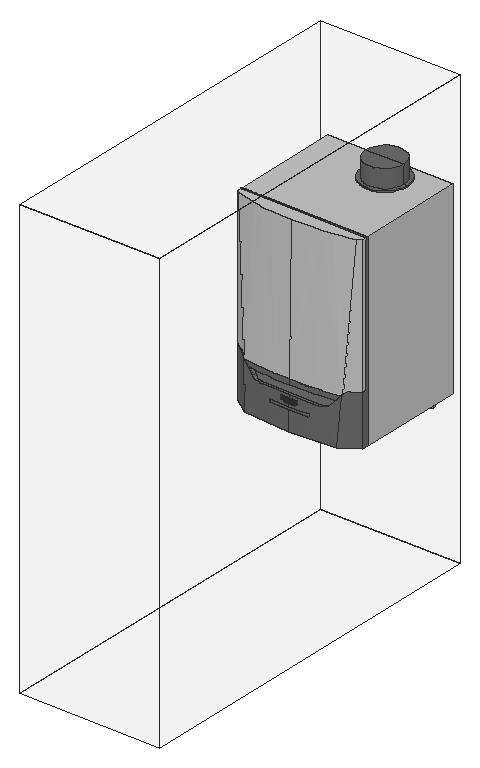
Revit family "Remeha_QuintaAce55_LOD5", category Mechanical Equipment, Revit 2016
Family settings
  Part Type = Normal
  Round Connector Dimension = Use Diameter
  OmniClass Number = 23.75.10.11.14
  OmniClass Title = Hot Water Heat Generators
  Work Plane-Based = No
  Always vertical = Yes
  Cut with Voids When Loaded = Yes
  Shared = No
  Room Calculation Point = No
Parameters (values of type "100/150 Concentric Flue Connection - 150 Connector")
  Weekly = ""
  Water Treatment Required = yes
  Water Content = 6.4 L
  Warranty ID = ""
  Voltage = 230 V
  URL = ""
  Type = "Space heating"
  Turndown Ratio = "5.01:1"
  Text Material = Paint - Black
  Supply Phase = 1
  Starting Current = 0 A
  Sound Pressure Level = "46.7"
  Shipping Weight = 66.50 kg
  Shape = "Rectangular (Vertical)"
  Safety Valve Connection Type = "Unset"
  Safety Valve Connection Size = 0.00 mm
  Responsible Sourcing of Materials = ""
  Responsible Extraction of Materials = ""
  Reference Standard = "GAR 2016/426, BED 92/42/EEC, ErP 2009/125/EC"
  Rated Output = 55300 W
  Rated Criteria = "80/60"
  Quarterly = ""
  Product Range = "Quinta Ace 55"
  Product Model Number = ""
  Product Literature = "https://www.remeha.co.uk/products/wall-hung-range/quinta-ace-30-115"
  Primary Fuel = "Gas - NG"
  Overall Width = 500.00 mm
  Overall Length = 500.00 mm
  Overall Height = 750.00 mm
  Optional Fuel = "LPG"
  Operation and Maintenance Manual = "https://www.remeha.co.uk/products/wall-hung-range/quinta-ace-30-115"
  Oil Consumption rate = 0
  Nominal Oil Inlet Pressure = 0.00000 bar
  Nominal Gas Inlet Pressure = 0.02000 bar
  NOx Emissions = "36"
  Mounting = "Wall Mounted"
  Monthly = ""
  Model = ""
  Minimum Power Consumption = 38 W
  Minimum Operating Pressure = 0.80000 bar
  Minimum Oil Inlet Pressure = 0.00000 bar
  Minimum Gas Inlet Pressure = 0.01700 bar
  Minimum Flow Rate at 20C temperature differential = 0.66 L/s
  Minimum Flow Rate at 11C temperature differential = 1.2 L/s
  Maximum Power Consumption = 100 W
  Maximum Operating Pressure = 4.00000 bar
  Maximum Oil Inlet Pressure = 0.00000 bar
  Maximum Gas Inlet Pressure = 0.02500 bar
  Material Ingredient Reporting = ""
  Manufacturer Website = "www.remeha.co.uk"
  Manufacturer = "Remeha Commercial"
  Maintenance Required 8001 to 12000hrs = ""
  Maintenance Required 601 to 1000hrs = ""
  Maintenance Required 4001 to 8000hrs = ""
  Maintenance Required 301 to 600hrs = ""
  Maintenance Required 2001 to 4000hrs = ""
  Maintenance Required 1001 to 2000hrs = ""
  Maintenance Required 0 to 300hrs = ""
  Location of Manufacturer = ""
  Load Classification = none
  Life Cycle Analysis = ""
  Interlocks = yes
  IfcExportType = "NOTDEFINED"  # constant formula
  IfcExportAs = "IfcBoilerType"  # constant formula
  IP Rating = "X4D"
  IK Rating = "Not Required"
  Hydraulic Resistance at 20C temperature differential = 0.13000 bar
  Hydraulic Resistance at 11C temperature differential = 0.43000 bar
  Heater Operation = "Condensing"
  Heat Exchanger Material = "Aluminium"
  Gross Weight = 62.40 kg
  Green Guide for Specification = ""
  Gas Consumption rate = "6.0"
  Fuse Rating = 2.5 A
  Full Load Current = 0 A
  Fuel Connection Type = "Threaded"
  Fuel Connection Size = 20.00 mm
  Frequency = 50 Hz
  Flue or Air Intake Classification = "B23P,B33,C13,C33,C53,C63,C93"
  Flue Radius = Air Inlet Connection Size / 2  # 75.00 mm
  Flue Connector Size = 150 mm
  Flue Connection size = 100.00 mm
  Flow and Return Connection Type = "Threaded"
  Flow and Return Connection Size = 32.00 mm
  Finish = "High Polish Gardner 60 GRAD 91EH"
  Features = "Remeha's Quinta Pro range are compact high efficiency wall hung condensing boilers. Lighter and more efficienct, their small size make them ideally suited to modular arrangments"
  External Material = "Steel"
  Expected Life = "15"
  ErP Seasonal Efficiency = "92"
  ErP Rated Efficiency at Part Load = "0"
  ErP Rated Efficiency at Full Load = "0"
  ErP Energy Label = "A"
  Environmental Product Declaration = ""
  Energy Technology List = "0"
  Embodied Carbon = ""
  Drain Connection Type = "Unset"
  Drain Connection Size = 25.00 mm
  Description = ""
  Daily = ""
  Control Type = "'0 - 10V, Open Therm, Volt free enable, Direct boiler weather compensating control systems available from Remeha as optional extra's."
  Configuration = "Single boiler"
  Condensate Drain Type = "Plain"
  Condensate Drain Size = 32.00 mm
  Colour = "RAL 9016"
  Clearance Box Visibility [instance] = yes
  Classification.Uniclass.Pr.Number [instance] = "Pr_60_60_08_34"
  Classification.Uniclass.Pr.Description [instance] = "Gas fired Condensing Boilers"
  CE Mark = "0063CS3928"
  Burner Control Type = "Modulating"
  Building Regulations Seasonal Efficiency = "96.04"
  Bespoke Timeframe = ""
  BMS Links = yes
  Annually = "As Per Attached URL O&M Manual"
  Air Inlet Connection Size = 150.00 mm
  Additional Technical Details = "https://www.remeha.co.uk/products/wall-hung-range/quinta-ace-30-115"
  Access Clearance Top = 400.00 mm
  Access Clearance Right = 30.00 mm
  Access Clearance Rear = 0.00 mm
  Access Clearance Left = 30.00 mm
  Access Clearance Front = 1000.00 mm
  Access Clearance Bottom = 600.00 mm
  6 Monthly = ""
Types (2, lengths in mm): name | Flue Connector Size
  100/150 Conventional Flue Connection - 100 Connector | 100
  100/150 Concentric Flue Connection - 150 Connector | 150
Reference planes
  plane 1 "Center (Front/Back)": y = 0
  plane 2: z = 0
  plane 3 "Center (Left/Right)": x = 0
  plane 4: y = -50
  plane 5: y = -75
  plane 6: x = -115
  plane 7: x = 59
  plane 8: x = 119.4
  plane 9: x = 200
  plane 10: x = 250
  plane 11: y = -101
  plane 12: x = -250
  plane 13: y = -500
  plane 14: x = -280
  plane 15: x = 280
  plane 16: y = -1500
  plane 17: y = 0
  plane 18: z = 750
  plane 19: z = 1150
  plane 20: z = -600
  plane 21: z = 824.467
Forms (mm)
  Sweep 1, solid, material "101_240_115"
    path origin (453.507, -50, 3000) x (1, 0, 0) y (0, 0, 1)
      loop
        line (-568.507, -3039.462) -> (-568.507, -3000)
    profile origin (-115, -50, -19.731) x (-1, 0, 0) y (0, -1, 0)
      loop
        circle (0, 0) r 21.2
  Sweep 2, solid
    path origin (453.507, -75, 3000) x (1, 0, 0) y (0, 0, 1)
      loop
        line (-394.507, -3012.462) -> (-394.507, -3000)
    profile origin (59, -75, -6.231) x (-1, 0, 0) y (0, -1, 0)
      loop
        circle (0, 0) r 16.25
  Sweep 3, solid, material "229_0_0"
    path origin (687.907, -50, 3000) x (1, 0, 0) y (0, 0, 1)
      loop
        line (-568.507, -3039.662) -> (-568.507, -3000)
    profile origin (119.4, -50, -19.831) x (-1, 0, 0) y (0, -1, 0)
      loop
        circle (0, 0) r 21.2
  Sweep 4, solid, material "229_229_0"
    path origin (768.507, -50, 3000) x (1, 0, 0) y (0, 0, 1)
      loop
        line (-568.507, -3040) -> (-568.507, -3000)
    profile origin (200, -50, -20) x (-1, 0, 0) y (0, -1, 0)
      loop
        circle (0, 0) r 13.5
  Revolve 5, solid, material "51_51_51"
    sketch origin (453.507, -101, 2990) x (1, 0, 0) y (0, 0, 1)
      loop
        line (-394.507, -2240) -> (-303.507, -2240) -> (-303.507, -2236.533) -> (-319.507, -2236.533) -> (-319.507, -2165.533) -> (-394.507, -2165.533) -> (-394.507, -2240)
      axis (-394.507, -2165.533) -> (-394.507, -2240)
    angle from 0 to 360
  Extrusion 6, solid, material "192_192_192"
    sketch origin (0, 5.687, 0) x (1, 0, 0) y (0, 1, 0)
      loop
        line (-250, -5.687) -> (-250, -432.687) -> (250, -432.687) -> (250, -5.687) -> (-250, -5.687)
    from 0 to 750
  Blend 7, solid, material "51_51_51"
    base sketch origin (0, 5.69, 0) x (1, 0, 0) y (0, 1, 0)
      loop
        line (249.735, -456.82) -> (250.139, -433.688) -> (-250.139, -433.688) -> (-249.735, -456.82) -> (-184.568, -502.286)
        arc (-184.568, -502.286) -> (-92.429, -510.231) -> (0, -513.311) r 1755.189
        arc (0, -513.311) -> (92.429, -510.231) -> (184.568, -502.286) r 1755.189
        line (184.568, -502.286) -> (249.735, -456.82)
    top sketch origin (0, 5.69, 0) x (1, 0, 0) y (0, 1, 0)
      loop
        line (250.139, -433.688) -> (-250.139, -433.688) -> (-249.716, -457.885) -> (-235.73, -467.643)
        arc (-235.73, -467.643) -> (-118.82, -490.038) -> (0, -497.214) r 923.864
        arc (0, -497.214) -> (118.82, -490.038) -> (235.73, -467.643) r 923.864
        line (235.73, -467.643) -> (249.716, -457.885) -> (250.139, -433.688)
    from 0 to 750
  Extrusion 8, void
    sketch origin (0, 0, 0) x (1, 0, 0) y (0, 0, 1)
      loop
        arc (-216.741, 202.277) -> (-209.657, 200.826) -> (-203.818, 196.561) r 17
        line (-203.818, 196.561) -> (-154.08, 141.623)
        arc (-154.08, 141.623) -> (-140.311, 131.663) -> (-123.686, 128.141) r 41
        line (-123.686, 128.141) -> (123.686, 128.141)
        arc (123.686, 128.141) -> (140.311, 131.663) -> (154.08, 141.623) r 41
        line (154.08, 141.623) -> (203.818, 196.561)
        arc (203.818, 196.561) -> (209.657, 200.826) -> (216.741, 202.277) r 17
        line (216.741, 202.277) -> (251.211, 201.857) -> (251.211, 781.159) -> (-251, 781.159) -> (-251, 201.86) -> (-216.741, 202.277)
      loop
        line (-190.992, 184.8) -> (-177.118, 169.664)
        arc (-177.118, 169.664) -> (-172.1, 166.07) -> (-166.06, 164.8) r 15
        line (-166.06, 164.8) -> (166.06, 164.8)
        arc (166.06, 164.8) -> (172.1, 166.07) -> (177.118, 169.664) r 15
        line (177.118, 169.664) -> (190.992, 184.8) -> (-190.992, 184.8)
    from 433.688 to 506.661
  Extrusion 9, void
    sketch origin (0, 5.69, 0) x (0, 1, 0) y (0, 0, 1)
      loop
        line (-507.075, 87.668) -> (-512.351, 87.668) -> (-512.351, 74.979) -> (-507.075, 74.979) -> (-507.075, 87.668)
    from -80 to 80
  Extrusion 10, solid, material "51_51_51"
    sketch origin (0, 5.69, 0) x (0, 1, 0) y (0, 0, 1)
      loop
        line (-494.881, 127.103) -> (-439.378, 127.103) -> (-439.378, 169.103) -> (-474.396, 169.103) -> (-494.881, 127.103)
    from -180 to 180
  Blend 11, solid, material "192_192_192"
    base sketch origin (0, 5.69, 0) x (1, 0, 0) y (0, 1, 0)
      loop
        line (249.735, -456.82) -> (250.139, -433.688) -> (-250.139, -433.688) -> (-249.735, -456.82) -> (-184.568, -502.286)
        arc (-184.568, -502.286) -> (-92.429, -510.231) -> (0, -513.311) r 1755.189
        arc (0, -513.311) -> (92.429, -510.231) -> (184.568, -502.286) r 1755.189
        line (184.568, -502.286) -> (249.735, -456.82)
    top sketch origin (0, 5.69, 0) x (1, 0, 0) y (0, 1, 0)
      loop
        line (250.139, -433.688) -> (-250.139, -433.688) -> (-249.716, -457.885) -> (-235.73, -467.643)
        arc (-235.73, -467.643) -> (-118.82, -490.038) -> (0, -497.214) r 923.864
        arc (0, -497.214) -> (118.82, -490.038) -> (235.73, -467.643) r 923.864
        line (235.73, -467.643) -> (249.716, -457.885) -> (250.139, -433.688)
    from 0 to 750
  Extrusion 12, void
    sketch origin (1400, 0, 0) x (1, 0, 0) y (0, 0, 1)
      loop
        line (-1651, 0) -> (-1148.789, 0) -> (-1148.789, 203.538) -> (-1183.579, 203.961)
        arc (-1183.579, 203.961) -> (-1191.131, 202.462) -> (-1197.432, 198.036) r 18.627
        line (-1197.432, 198.036) -> (-1206.67, 188.061)
        arc (-1206.67, 188.061) -> (-1208.371, 186.852) -> (-1210.413, 186.426) r 5.101
        line (-1210.413, 186.426) -> (-1400, 186.426) -> (-1589.587, 186.426)
        arc (-1589.587, 186.426) -> (-1591.629, 186.852) -> (-1593.33, 188.061) r 5.101
        line (-1593.33, 188.061) -> (-1602.568, 198.036)
        arc (-1602.568, 198.036) -> (-1608.869, 202.462) -> (-1616.421, 203.961) r 18.627
        line (-1616.421, 203.961) -> (-1651, 203.54) -> (-1651, 0)
    from 433.69 to 511.105
  Extrusion 13, solid, material "Clearance", visible <- "Clearance Box Visibility"
    sketch origin (0, 0, 0) x (1, 0, 0) y (0, 1, 0)
      loop
        line (-280, 0) -> (-280, -1500) -> (280, -1500) -> (280, 0) -> (-280, 0)
    from -600 to 1150
  Extrusion 14, solid, material "Paint - Black" <- "Text Material"
    sketch origin (0, 0, 0) x (1, 0, 0) y (0, 0, 1)
      loop
        line (-30.625, 120.395) -> (-30.625, 118.213) -> (30.625, 118.213) -> (30.625, 120.395) -> (-30.625, 120.395)
      loop
        line (-30.625, 106.032) -> (30.625, 106.032) -> (30.625, 108.213) -> (-30.625, 108.213) -> (-30.625, 106.032)
      loop
        line (-28.307, 116.676) -> (-28.307, 109.282) -> (-20.805, 109.282) -> (-20.805, 112.183) -> (-19.053, 112.183)
        arc (-19.053, 112.183) -> (-18.314, 111.847) -> (-18.083, 111.068) r 0.979
        arc (-18.083, 111.068) -> (-18.083, 110.157) -> (-17.832, 109.282) r 3.272
        line (-17.832, 109.282) -> (-16.376, 109.282)
        arc (-16.376, 109.282) -> (-16.561, 110.336) -> (-16.618, 111.404) r 8.915
        arc (-16.618, 111.404) -> (-16.885, 112.268) -> (-17.601, 112.822) r 1.5
        arc (-17.601, 112.822) -> (-16.323, 115.034) -> (-18.28, 116.676) r 1.987
        line (-18.28, 116.676) -> (-20.805, 116.676) -> (-28.307, 116.676)
      loop
        line (-20.805, 115.402) -> (-20.805, 113.382) -> (-18.787, 113.382)
        arc (-18.787, 113.382) -> (-18.37, 113.534) -> (-18.148, 113.918) r 0.649
        arc (-18.148, 113.918) -> (-18.033, 114.426) -> (-18.159, 114.93) r 1.124
        arc (-18.159, 114.93) -> (-18.505, 115.276) -> (-18.976, 115.402) r 0.944
        line (-18.976, 115.402) -> (-20.805, 115.402)
      loop
        line (-26.948, 115.402) -> (-26.948, 110.655) -> (-22.202, 110.655) -> (-22.202, 115.402) -> (-26.948, 115.402)
      loop
        line (-9.068, 114.754) -> (-10.47, 114.754) -> (-10.47, 109.282) -> (-8.958, 109.282) -> (-8.958, 112.222)
        arc (-8.958, 112.222) -> (-8.681, 113.022) -> (-7.968, 113.478) r 1.291
        arc (-7.968, 113.478) -> (-7.458, 113.497) -> (-6.98, 113.316) r 1.291
        line (-6.98, 113.316) -> (-6.98, 114.889)
        arc (-6.98, 114.889) -> (-8.226, 114.723) -> (-9.068, 113.79) r 1.823
        line (-9.068, 113.79) -> (-9.068, 114.754)
      loop
        line (-5.139, 111.705) -> (-1.277, 111.705)
        arc (-1.277, 111.705) -> (-3.967, 114.88) -> (-6.562, 111.627) r 2.694
        arc (-6.562, 111.627) -> (-4.23, 109.192) -> (-1.394, 111.016) r 2.651
        line (-1.394, 111.016) -> (-2.704, 111.016)
        arc (-2.704, 111.016) -> (-4.224, 110.293) -> (-5.139, 111.705) r 1.276
      loop
        line (-5.147, 112.62) -> (-2.707, 112.62)
        arc (-2.707, 112.62) -> (-3.927, 113.841) -> (-5.147, 112.62) r 1.22
      loop
        line (1.337, 113.988) -> (1.337, 114.776) -> (-0.066, 114.776) -> (-0.066, 109.389) -> (1.396, 109.389) -> (1.396, 112.819)
        arc (1.396, 112.819) -> (2.357, 113.78) -> (3.318, 112.819) r 0.961
        line (3.318, 112.819) -> (3.318, 109.389) -> (4.781, 109.389) -> (4.781, 112.819)
        arc (4.781, 112.819) -> (5.723, 113.761) -> (6.665, 112.819) r 0.942
        line (6.665, 112.819) -> (6.665, 109.389) -> (8.107, 109.389) -> (8.107, 112.925)
        arc (8.107, 112.925) -> (8.131, 113.503) -> (7.91, 114.038) r 1.349
        arc (7.91, 114.038) -> (6.224, 114.92) -> (4.538, 114.038) r 2.053
        arc (4.538, 114.038) -> (2.923, 114.936) -> (1.337, 113.988) r 1.848
      loop
        line (10.835, 111.705) -> (14.697, 111.705)
        arc (14.697, 111.705) -> (12.007, 114.88) -> (9.413, 111.627) r 2.694
        arc (9.413, 111.627) -> (11.745, 109.192) -> (14.58, 111.016) r 2.651
        line (14.58, 111.016) -> (13.271, 111.016)
        arc (13.271, 111.016) -> (11.751, 110.293) -> (10.835, 111.705) r 1.276
      loop
        line (10.827, 112.62) -> (13.268, 112.62)
        arc (13.268, 112.62) -> (12.048, 113.841) -> (10.827, 112.62) r 1.22
      loop
        line (17.364, 116.805) -> (15.821, 116.805) -> (15.821, 109.416) -> (17.364, 109.416) -> (17.364, 112.62)
        arc (17.364, 112.62) -> (18.386, 113.878) -> (19.408, 112.62) r 1.044
        line (19.408, 112.62) -> (19.408, 109.416) -> (20.934, 109.416) -> (20.934, 113.081)
        arc (20.934, 113.081) -> (19.516, 114.929) -> (17.364, 114.038) r 1.913
        line (17.364, 114.038) -> (17.364, 116.805)
      loop
        line (22.242, 113.094) -> (23.722, 113.094)
        arc (23.722, 113.094) -> (23.883, 113.574) -> (24.311, 113.847) r 0.76
        arc (24.311, 113.847) -> (24.781, 113.923) -> (25.255, 113.868) r 1.739
        arc (25.255, 113.868) -> (25.672, 113.375) -> (25.347, 112.817) r 0.559
        arc (25.347, 112.817) -> (24.586, 112.573) -> (23.79, 112.514) r 3.395
        arc (23.79, 112.514) -> (23.01, 112.359) -> (22.39, 111.862) r 1.672
        arc (22.39, 111.862) -> (22.047, 110.754) -> (22.507, 109.69) r 1.672
        arc (22.507, 109.69) -> (23.456, 109.312) -> (24.477, 109.296) r 2.817
        arc (24.477, 109.296) -> (25.226, 109.546) -> (25.673, 110.197) r 1.24
        arc (25.673, 110.197) -> (25.722, 109.795) -> (25.841, 109.407) r 2.328
        line (25.841, 109.407) -> (27.312, 109.407)
        arc (27.312, 109.407) -> (27.148, 109.949) -> (27.093, 110.512) r 2.901
        line (27.093, 110.512) -> (27.093, 113.568)
        arc (27.093, 113.568) -> (26.736, 114.43) -> (25.874, 114.787) r 1.219
        arc (25.874, 114.787) -> (24.773, 114.91) -> (23.672, 114.787) r 4.994
        arc (23.672, 114.787) -> (22.673, 114.18) -> (22.242, 113.094) r 1.837
      loop
        arc (23.575, 111.229) -> (23.583, 110.746) -> (23.888, 110.371) r 0.737
        arc (23.888, 110.371) -> (24.388, 110.254) -> (24.895, 110.337) r 1.324
        arc (24.895, 110.337) -> (25.433, 110.755) -> (25.637, 111.405) r 1.14
        line (25.637, 111.405) -> (25.637, 112.191)
        arc (25.637, 112.191) -> (25.209, 111.86) -> (24.672, 111.801) r 0.999
        arc (24.672, 111.801) -> (24.028, 111.698) -> (23.575, 111.229) r 1.029
      loop
        line (-14.73, 105.293) -> (-14.73, 102.893)
        arc (-14.73, 102.893) -> (-14.262, 101.761) -> (-13.13, 101.293) r 1.6
        line (-13.13, 101.293) -> (-11.33, 101.293)
        arc (-11.33, 101.293) -> (-10.199, 101.761) -> (-9.73, 102.893) r 1.6
        line (-9.73, 102.893) -> (-9.73, 105.293) -> (-10.73, 105.293) -> (-10.73, 102.893)
        arc (-10.73, 102.893) -> (-10.965, 102.327) -> (-11.53, 102.093) r 0.8
        line (-11.53, 102.093) -> (-12.93, 102.093)
        arc (-12.93, 102.093) -> (-13.496, 102.327) -> (-13.73, 102.893) r 0.8
        line (-13.73, 102.893) -> (-13.73, 105.293) -> (-14.73, 105.293)
      loop
        line (23.957, 105.293) -> (19.757, 105.293) -> (19.757, 101.293) -> (23.957, 101.293) -> (23.957, 102.093) -> (20.757, 102.093) -> (20.757, 102.893) -> (23.957, 102.893) -> (23.957, 103.693) -> (20.757, 103.693) -> (20.757, 104.493) -> (23.957, 104.493) -> (23.957, 105.293)
      loop
        line (14.257, 103.693) -> (14.257, 102.893)
        arc (14.257, 102.893) -> (14.726, 101.761) -> (15.857, 101.293) r 1.6
        line (15.857, 101.293) -> (17.657, 101.293)
        arc (17.657, 101.293) -> (18.789, 101.761) -> (19.257, 102.893) r 1.6
        line (19.257, 102.893) -> (18.257, 102.893)
        arc (18.257, 102.893) -> (18.023, 102.327) -> (17.457, 102.093) r 0.8
        line (17.457, 102.093) -> (16.057, 102.093)
        arc (16.057, 102.093) -> (15.492, 102.327) -> (15.257, 102.893) r 0.8
        line (15.257, 102.893) -> (15.257, 103.693)
        arc (15.257, 103.693) -> (15.492, 104.259) -> (16.057, 104.493) r 0.8
        line (16.057, 104.493) -> (17.457, 104.493)
        arc (17.457, 104.493) -> (18.023, 104.259) -> (18.257, 103.693) r 0.8
        line (18.257, 103.693) -> (19.257, 103.693)
        arc (19.257, 103.693) -> (18.789, 104.824) -> (17.657, 105.293) r 1.6
        line (17.657, 105.293) -> (15.857, 105.293)
        arc (15.857, 105.293) -> (14.726, 104.824) -> (14.257, 103.693) r 1.6
      loop
        line (10.851, 105.293) -> (9.07, 101.293) -> (10.164, 101.293) -> (10.521, 102.093) -> (12.619, 102.093) -> (12.975, 101.293) -> (14.07, 101.293) -> (12.289, 105.293) -> (10.851, 105.293)
      loop
        line (10.877, 102.893) -> (12.263, 102.893) -> (11.57, 104.449) -> (10.877, 102.893)
      loop
        line (-20.23, 103.693) -> (-20.23, 102.893)
        arc (-20.23, 102.893) -> (-19.762, 101.761) -> (-18.63, 101.293) r 1.6
        line (-18.63, 101.293) -> (-16.83, 101.293)
        arc (-16.83, 101.293) -> (-16.428, 101.344) -> (-16.052, 101.495) r 1.6
        line (-16.052, 101.495) -> (-15.593, 100.84) -> (-14.937, 101.299) -> (-15.467, 102.055)
        arc (-15.467, 102.055) -> (-15.291, 102.458) -> (-15.23, 102.893) r 1.6
        line (-15.23, 102.893) -> (-15.23, 103.693)
        arc (-15.23, 103.693) -> (-15.699, 104.824) -> (-16.83, 105.293) r 1.6
        line (-16.83, 105.293) -> (-18.63, 105.293)
        arc (-18.63, 105.293) -> (-19.762, 104.824) -> (-20.23, 103.693) r 1.6
      loop
        line (-19.23, 103.693) -> (-19.23, 102.893)
        arc (-19.23, 102.893) -> (-18.996, 102.327) -> (-18.43, 102.093) r 0.8
        line (-18.43, 102.093) -> (-17.03, 102.093)
        arc (-17.03, 102.093) -> (-16.465, 102.327) -> (-16.23, 102.893) r 0.8
        line (-16.23, 102.893) -> (-16.23, 103.693)
        arc (-16.23, 103.693) -> (-16.465, 104.259) -> (-17.03, 104.493) r 0.8
        line (-17.03, 104.493) -> (-18.43, 104.493)
        arc (-18.43, 104.493) -> (-18.996, 104.259) -> (-19.23, 103.693) r 0.8
      loop
        line (-9.23, 105.293) -> (-9.23, 101.293) -> (-8.23, 101.293) -> (-8.23, 105.293) -> (-9.23, 105.293)
      loop
        line (-7.73, 105.293) -> (-7.73, 101.293) -> (-6.73, 101.293) -> (-6.73, 104.493) -> (-4.405, 101.293) -> (-2.73, 101.293) -> (-2.73, 105.293) -> (-3.73, 105.293) -> (-3.73, 102.093) -> (-6.055, 105.293) -> (-7.73, 105.293)
      loop
        line (-2.23, 105.293) -> (-2.23, 104.493) -> (-0.23, 104.493) -> (-0.23, 101.293) -> (0.77, 101.293) -> (0.77, 104.493) -> (2.77, 104.493) -> (2.77, 105.293) -> (-2.23, 105.293)
      loop
        line (3.851, 105.293) -> (2.07, 101.293) -> (3.164, 101.293) -> (3.521, 102.093) -> (5.619, 102.093) -> (5.975, 101.293) -> (7.07, 101.293) -> (5.289, 105.293) -> (3.851, 105.293)
      loop
        line (3.877, 102.893) -> (5.263, 102.893) -> (4.57, 104.449) -> (3.877, 102.893)
    from 505 to 506.998
Cuts and joins
  Extrusion 8, Extrusion 9 cuts Blend 7
  joined: Blend 7, Extrusion 10
  Extrusion 12 cuts Blend 11
Dimensions and locks
  locked: plane 4 to plane 1 "Center (Front/Back)" at 50
  locked: plane 5 to plane 1 "Center (Front/Back)" at 75
  locked: plane 9 to plane 10 at 50
  locked: plane 8 to plane 10 at 130.6
  locked: plane 7 to plane 10 at 191
  locked: plane 6 to plane 10 at 365
  locked: plane 11 to plane 1 "Center (Front/Back)" at 101
  "Flue Radius": Revolve 5 sketch curve to plane 7
  locked: Revolve 5 sketch curve to plane 7 at 91
  equal spacing: plane 12, plane 3 "Center (Left/Right)", plane 10
  locked: plane 13 to plane 1 "Center (Front/Back)" at 500
  "Access Clearance Front": plane 16 to plane 13
  "Access Clearance Rear": plane 1 "Center (Front/Back)" to plane 17
  locked: plane 12 to plane 10 at 500
  "Access Clearance Right": plane 10 to plane 15
  "Access Clearance Left": plane 14 to plane 12
  "Overall Height": plane 18 to plane 2
  "Access Clearance Bottom": plane 2 to plane 20
  "Access Clearance Top": plane 19 to plane 18
  locked: plane 21 to plane 18 at 74.467
  plane 3 "Center (Left/Right)" to Extrusion 13 = 280.00 mm
  aligned and locked: level to plane 2
  aligned and locked: plane 6 to Sweep 1 sketch curve
  aligned and locked: profile plane to Sweep 1 sketch curve  (x2)
  aligned and locked: profile plane to Sweep 2 sketch curve  (x2)
  aligned and locked: Sweep 2 sketch curve to plane 7
  aligned and locked: profile plane to Sweep 3 sketch curve  (x2)
  aligned and locked: plane 8 to Sweep 3 sketch curve
  aligned and locked: profile plane to Sweep 4 sketch curve  (x2)
  aligned and locked: plane 9 to Sweep 4 sketch curve
  aligned and locked: Revolve 5 sketch curve to plane 7
  aligned and locked: plane 17 to Extrusion 13 sketch curve
  aligned and locked: plane 14 to Extrusion 13 sketch curve
  aligned and locked: Extrusion 13 sketch curve to plane 15
  aligned and locked: Extrusion 13 sketch curve to plane 16
  aligned and locked: Revolve 5 to plane 21
  aligned and locked: Revolve 5 to plane 18
  aligned and locked: Extrusion 13 to plane 19
Automatic sketch dimensions
  Sweep 1 sketch curve to level = 0.00 mm
  Sweep 1 sketch curve to level = 39.462 mm
  Sweep 2 sketch curve to level = 0.00 mm
  Sweep 2 sketch curve to level = 12.462 mm
  Sweep 3 sketch curve to level = 0.00 mm
  Sweep 3 sketch curve to Sweep 3 sketch curve = 39.662 mm
  Sweep 4 sketch curve to level = 0.00 mm
  Sweep 4 sketch curve to Sweep 4 sketch curve = 40.00 mm
  Extrusion 6 sketch curve to plane 10 = 0.00 mm
  plane 1 "Center (Front/Back)" to Extrusion 6 sketch curve = 0.00 mm
  Extrusion 6 sketch curve to plane 6 = 135.00 mm
  plane 11 to Extrusion 6 sketch curve = 326.00 mm
  Blend 7 sketch curve to plane 3 "Center (Left/Right)" = 0.00 mm  (x2)
  Blend 7 sketch curve to plane 3 "Center (Left/Right)" = 12.233 mm
  Blend 7 sketch curve to plane 6 = 69.568 mm
  Blend 7 sketch curve to Blend 7 sketch curve = 65.167 mm
  Blend 7 sketch curve to Blend 7 sketch curve = 0.404 mm
  plane 3 "Center (Left/Right)" to Blend 7 sketch curve = 12.233 mm
  Blend 7 sketch curve to plane 9 = 15.432 mm
  Blend 7 sketch curve to plane 10 = 0.265 mm
  plane 10 to Blend 7 sketch curve = 0.139 mm  (x2)
  plane 11 to Blend 7 sketch curve = 395.596 mm
  Blend 7 sketch curve to Blend 7 sketch curve = 0.00 mm
  Blend 7 sketch curve to Blend 7 sketch curve = 45.466 mm  (x2)
  Blend 7 sketch curve to Blend 7 sketch curve = 23.133 mm
  Blend 7 sketch curve to plane 1 "Center (Front/Back)" = 1247.525 mm
  Blend 7 sketch curve to plane 3 "Center (Left/Right)" = 3.828 mm
  Blend 7 sketch curve to plane 6 = 120.73 mm
  Blend 7 sketch curve to Blend 7 sketch curve = 13.986 mm
  Blend 7 sketch curve to Blend 7 sketch curve = 0.422 mm
  plane 3 "Center (Left/Right)" to Blend 7 sketch curve = 3.828 mm
  Blend 7 sketch curve to plane 10 = 14.27 mm
  Blend 7 sketch curve to plane 10 = 0.284 mm
  plane 11 to Blend 7 sketch curve = 360.953 mm
  plane 1 "Center (Front/Back)" to Blend 7 sketch curve = 461.953 mm
  Blend 7 sketch curve to Blend 7 sketch curve = 9.758 mm  (x2)
  Blend 7 sketch curve to Blend 7 sketch curve = 24.198 mm
  Blend 7 sketch curve to plane 1 "Center (Front/Back)" = 432.332 mm
  Extrusion 8 sketch curve to plane 6 = 136.00 mm
  Extrusion 8 sketch curve to Extrusion 8 sketch curve = 34.259 mm
  Extrusion 8 sketch curve to Extrusion 8 sketch curve = 0.207 mm
  Extrusion 8 sketch curve to Extrusion 8 sketch curve = 12.923 mm  (x2)
  Extrusion 8 sketch curve to Extrusion 8 sketch curve = 12.826 mm
  Extrusion 8 sketch curve to Extrusion 8 sketch curve = 13.874 mm
  Extrusion 8 sketch curve to Extrusion 8 sketch curve = 11.057 mm  (x2)
  Extrusion 8 sketch curve to Extrusion 8 sketch curve = 11.98 mm  (x2)
  Extrusion 8 sketch curve to plane 6 = 8.686 mm
  plane 8 to Extrusion 8 sketch curve = 4.286 mm
  Extrusion 8 sketch curve to Extrusion 8 sketch curve = 30.394 mm
  Extrusion 8 sketch curve to plane 9 = 9.008 mm
  plane 9 to Extrusion 8 sketch curve = 3.818 mm
  plane 9 to Extrusion 8 sketch curve = 16.534 mm
  plane 10 to Extrusion 8 sketch curve = 1.211 mm
  level to Extrusion 8 sketch curve = 128.141 mm
  Extrusion 8 sketch curve to Extrusion 8 sketch curve = 13.483 mm  (x2)
  Extrusion 8 sketch curve to Extrusion 8 sketch curve = 23.177 mm
  Extrusion 8 sketch curve to Extrusion 8 sketch curve = 4.864 mm  (x2)
  Extrusion 8 sketch curve to Extrusion 8 sketch curve = 15.136 mm
  Extrusion 8 sketch curve to Extrusion 8 sketch curve = 0.478 mm  (x2)
  Extrusion 8 sketch curve to Extrusion 8 sketch curve = 11.283 mm  (x2)
  Extrusion 8 sketch curve to Extrusion 8 sketch curve = 0.42 mm
  Extrusion 8 sketch curve to Extrusion 8 sketch curve = 0.417 mm
  Extrusion 8 sketch curve to Extrusion 8 sketch curve = 579.299 mm
  level to Extrusion 9 sketch curve = 87.668 mm
  plane 11 to Extrusion 9 sketch curve = 405.661 mm
  Extrusion 9 sketch curve to Extrusion 9 sketch curve = 5.277 mm
  Extrusion 9 sketch curve to Extrusion 9 sketch curve = 12.689 mm
  level to Extrusion 10 sketch curve = 127.103 mm
  plane 11 to Extrusion 10 sketch curve = 388.191 mm
  Extrusion 10 sketch curve to Extrusion 10 sketch curve = 20.485 mm
  Extrusion 10 sketch curve to Extrusion 10 sketch curve = 35.018 mm
  Extrusion 10 sketch curve to Extrusion 10 sketch curve = 42.00 mm
  Blend 11 sketch curve to plane 3 "Center (Left/Right)" = 0.00 mm  (x2)
  Blend 11 sketch curve to plane 3 "Center (Left/Right)" = 12.233 mm
  Blend 11 sketch curve to plane 6 = 69.568 mm
  Blend 11 sketch curve to Blend 11 sketch curve = 65.167 mm
  Blend 11 sketch curve to Blend 11 sketch curve = 0.404 mm
  plane 3 "Center (Left/Right)" to Blend 11 sketch curve = 12.233 mm
  Blend 11 sketch curve to plane 9 = 15.432 mm
  Blend 11 sketch curve to plane 10 = 0.265 mm
  plane 10 to Blend 11 sketch curve = 0.139 mm  (x2)
  plane 11 to Blend 11 sketch curve = 395.596 mm
  Blend 11 sketch curve to Blend 11 sketch curve = 0.00 mm
  Blend 11 sketch curve to Blend 11 sketch curve = 45.466 mm  (x2)
  Blend 11 sketch curve to Blend 11 sketch curve = 23.133 mm
  Blend 11 sketch curve to plane 1 "Center (Front/Back)" = 1247.525 mm
  Blend 11 sketch curve to plane 3 "Center (Left/Right)" = 3.828 mm
  Blend 11 sketch curve to plane 6 = 120.73 mm
  Blend 11 sketch curve to Blend 11 sketch curve = 13.986 mm
  Blend 11 sketch curve to Blend 11 sketch curve = 0.422 mm
  plane 3 "Center (Left/Right)" to Blend 11 sketch curve = 3.828 mm
  Blend 11 sketch curve to plane 10 = 14.27 mm
  Blend 11 sketch curve to plane 10 = 0.284 mm
  plane 11 to Blend 11 sketch curve = 360.953 mm
  plane 1 "Center (Front/Back)" to Blend 11 sketch curve = 461.953 mm
  Blend 11 sketch curve to Blend 11 sketch curve = 9.758 mm  (x2)
  Blend 11 sketch curve to Blend 11 sketch curve = 24.198 mm
  Blend 11 sketch curve to plane 1 "Center (Front/Back)" = 432.332 mm
  Extrusion 12 sketch curve to level = 0.00 mm
  Extrusion 12 sketch curve to plane 3 "Center (Left/Right)" = 0.00 mm
  Extrusion 12 sketch curve to plane 6 = 74.587 mm
  Extrusion 12 sketch curve to Extrusion 12 sketch curve = 3.742 mm  (x2)
  Extrusion 12 sketch curve to Extrusion 12 sketch curve = 9.238 mm
  Extrusion 12 sketch curve to Extrusion 12 sketch curve = 13.626 mm
  Extrusion 12 sketch curve to Extrusion 12 sketch curve = 13.853 mm  (x2)
  Extrusion 12 sketch curve to plane 6 = 136.00 mm
  Extrusion 12 sketch curve to plane 9 = 10.413 mm
  plane 9 to Extrusion 12 sketch curve = 2.568 mm
  plane 9 to Extrusion 12 sketch curve = 16.194 mm
  plane 10 to Extrusion 12 sketch curve = 1.211 mm
  level to Extrusion 12 sketch curve = 185.336 mm  (x2)
  Extrusion 12 sketch curve to Extrusion 12 sketch curve = 1.09 mm
  Extrusion 12 sketch curve to Extrusion 12 sketch curve = 1.635 mm  (x2)
  Extrusion 12 sketch curve to Extrusion 12 sketch curve = 9.975 mm  (x2)
  Extrusion 12 sketch curve to Extrusion 12 sketch curve = 0.424 mm
  Extrusion 12 sketch curve to Extrusion 12 sketch curve = 0.421 mm
  Extrusion 14 sketch curve to Extrusion 14 sketch curve = 0.00 mm  (x35)
  Extrusion 14 sketch curve to plane 3 "Center (Left/Right)" = 30.625 mm
  Extrusion 14 sketch curve to Extrusion 14 sketch curve = 2.318 mm
  Extrusion 14 sketch curve to Extrusion 14 sketch curve = 1.36 mm
  Extrusion 14 sketch curve to Extrusion 14 sketch curve = 4.746 mm
  Extrusion 14 sketch curve to Extrusion 14 sketch curve = 1.397 mm  (x2)
  Extrusion 14 sketch curve to Extrusion 14 sketch curve = 0.575 mm
  Extrusion 14 sketch curve to Extrusion 14 sketch curve = 1.00 mm  (x9)
  Extrusion 14 sketch curve to Extrusion 14 sketch curve = 1.648 mm
  Extrusion 14 sketch curve to Extrusion 14 sketch curve = 1.752 mm
  Extrusion 14 sketch curve to Extrusion 14 sketch curve = 0.18 mm
  Extrusion 14 sketch curve to Extrusion 14 sketch curve = 0.19 mm
  Extrusion 14 sketch curve to Extrusion 14 sketch curve = 0.60 mm  (x9)
  Extrusion 14 sketch curve to Extrusion 14 sketch curve = 0.20 mm  (x10)
  Extrusion 14 sketch curve to Extrusion 14 sketch curve = 0.696 mm
  Extrusion 14 sketch curve to Extrusion 14 sketch curve = 0.935 mm
  Extrusion 14 sketch curve to Extrusion 14 sketch curve = 0.286 mm  (x2)
  Extrusion 14 sketch curve to Extrusion 14 sketch curve = 1.40 mm  (x3)
  Extrusion 14 sketch curve to Extrusion 14 sketch curve = 1.456 mm
  Extrusion 14 sketch curve to Extrusion 14 sketch curve = 0.779 mm
  Extrusion 14 sketch curve to Extrusion 14 sketch curve = 0.459 mm
  Extrusion 14 sketch curve to Extrusion 14 sketch curve = 0.584 mm
  Extrusion 14 sketch curve to Extrusion 14 sketch curve = 0.655 mm
  Extrusion 14 sketch curve to Extrusion 14 sketch curve = 1.533 mm
  Extrusion 14 sketch curve to Extrusion 14 sketch curve = 0.50 mm  (x5)
  Extrusion 14 sketch curve to Extrusion 14 sketch curve = 4.373 mm
  Extrusion 14 sketch curve to Extrusion 14 sketch curve = 1.402 mm
  Extrusion 14 sketch curve to Extrusion 14 sketch curve = 1.512 mm
  Extrusion 14 sketch curve to Extrusion 14 sketch curve = 1.255 mm
  Extrusion 14 sketch curve to Extrusion 14 sketch curve = 0.036 mm
  Extrusion 14 sketch curve to Extrusion 14 sketch curve = 0.29 mm
  Extrusion 14 sketch curve to Extrusion 14 sketch curve = 0.396 mm
  Extrusion 14 sketch curve to Extrusion 14 sketch curve = 0.675 mm  (x2)
  Extrusion 14 sketch curve to Extrusion 14 sketch curve = 1.833 mm
  Extrusion 14 sketch curve to Extrusion 14 sketch curve = 0.008 mm  (x2)
  Extrusion 14 sketch curve to Extrusion 14 sketch curve = 2.325 mm
  Extrusion 14 sketch curve to Extrusion 14 sketch curve = 1.22 mm  (x2)
  Extrusion 14 sketch curve to Extrusion 14 sketch curve = 0.001 mm  (x2)
  Extrusion 14 sketch curve to Extrusion 14 sketch curve = 0.009 mm  (x2)
  Extrusion 14 sketch curve to Extrusion 14 sketch curve = 0.043 mm  (x2)
  Extrusion 14 sketch curve to Extrusion 14 sketch curve = 1.172 mm  (x2)
  Extrusion 14 sketch curve to Extrusion 14 sketch curve = 1.31 mm  (x2)
  Extrusion 14 sketch curve to Extrusion 14 sketch curve = 0.117 mm  (x2)
  Extrusion 14 sketch curve to plane 3 "Center (Left/Right)" = 0.23 mm
  Extrusion 14 sketch curve to plane 3 "Center (Left/Right)" = 0.066 mm
  plane 3 "Center (Left/Right)" to Extrusion 14 sketch curve = 0.77 mm
  plane 3 "Center (Left/Right)" to Extrusion 14 sketch curve = 1.337 mm
  plane 3 "Center (Left/Right)" to Extrusion 14 sketch curve = 1.396 mm
  Extrusion 14 sketch curve to Extrusion 14 sketch curve = 1.30 mm
  Extrusion 14 sketch curve to Extrusion 14 sketch curve = 0.961 mm
  Extrusion 14 sketch curve to Extrusion 14 sketch curve = 2.00 mm  (x2)
  Extrusion 14 sketch curve to Extrusion 14 sketch curve = 0.366 mm
  Extrusion 14 sketch curve to Extrusion 14 sketch curve = 1.095 mm  (x4)
  Extrusion 14 sketch curve to Extrusion 14 sketch curve = 0.356 mm  (x8)
  Extrusion 14 sketch curve to Extrusion 14 sketch curve = 1.081 mm
  Extrusion 14 sketch curve to Extrusion 14 sketch curve = 0.719 mm  (x4)
  Extrusion 14 sketch curve to Extrusion 14 sketch curve = 1.463 mm
  Extrusion 14 sketch curve to Extrusion 14 sketch curve = 1.386 mm  (x2)
  Extrusion 14 sketch curve to Extrusion 14 sketch curve = 0.942 mm
  Extrusion 14 sketch curve to Extrusion 14 sketch curve = 0.441 mm
  Extrusion 14 sketch curve to Extrusion 14 sketch curve = 0.137 mm
  Extrusion 14 sketch curve to Extrusion 14 sketch curve = 1.304 mm
  Extrusion 14 sketch curve to Extrusion 14 sketch curve = 2.721 mm
  Extrusion 14 sketch curve to Extrusion 14 sketch curve = 0.33 mm
  Extrusion 14 sketch curve to Extrusion 14 sketch curve = 1.995 mm  (x2)
  Extrusion 14 sketch curve to Extrusion 14 sketch curve = 2.553 mm
  Extrusion 14 sketch curve to Extrusion 14 sketch curve = 1.542 mm  (x2)
  Extrusion 14 sketch curve to Extrusion 14 sketch curve = 1.022 mm
  Extrusion 14 sketch curve to Extrusion 14 sketch curve = 0.635 mm
  Extrusion 14 sketch curve to Extrusion 14 sketch curve = 0.388 mm
  Extrusion 14 sketch curve to Extrusion 14 sketch curve = 1.50 mm
  Extrusion 14 sketch curve to Extrusion 14 sketch curve = 1.526 mm
  Extrusion 14 sketch curve to Extrusion 14 sketch curve = 1.309 mm
  Extrusion 14 sketch curve to Extrusion 14 sketch curve = 1.474 mm
  Extrusion 14 sketch curve to Extrusion 14 sketch curve = 1.48 mm
  Extrusion 14 sketch curve to Extrusion 14 sketch curve = 0.217 mm
  Extrusion 14 sketch curve to Extrusion 14 sketch curve = 3.20 mm  (x2)
  Extrusion 14 sketch curve to Extrusion 14 sketch curve = 0.355 mm
  Extrusion 14 sketch curve to Extrusion 14 sketch curve = 0.558 mm
  Extrusion 14 sketch curve to Extrusion 14 sketch curve = 0.158 mm
  Extrusion 14 sketch curve to Extrusion 14 sketch curve = 0.205 mm
  Extrusion 14 sketch curve to Extrusion 14 sketch curve = 0.406 mm
  Extrusion 14 sketch curve to Extrusion 14 sketch curve = 0.064 mm
  Extrusion 14 sketch curve to Extrusion 14 sketch curve = 0.024 mm
  Extrusion 14 sketch curve to Extrusion 14 sketch curve = 0.293 mm
  Extrusion 14 sketch curve to Extrusion 14 sketch curve = 0.386 mm
  Extrusion 14 sketch curve to Extrusion 14 sketch curve = 0.353 mm
  Extrusion 14 sketch curve to Extrusion 14 sketch curve = 0.28 mm
  Extrusion 14 sketch curve to Extrusion 14 sketch curve = 0.818 mm
  Extrusion 14 sketch curve to Extrusion 14 sketch curve = 1.068 mm
  Extrusion 14 sketch curve to Extrusion 14 sketch curve = 0.759 mm
  Extrusion 14 sketch curve to Extrusion 14 sketch curve = 1.219 mm
  Extrusion 14 sketch curve to Extrusion 14 sketch curve = 0.219 mm
  Extrusion 14 sketch curve to Extrusion 14 sketch curve = 0.906 mm
  Extrusion 14 sketch curve to Extrusion 14 sketch curve = 4.751 mm
  Extrusion 14 sketch curve to Extrusion 14 sketch curve = 0.631 mm
  level to Extrusion 14 sketch curve = 100.84 mm
  Extrusion 14 sketch curve to Extrusion 14 sketch curve = 0.453 mm  (x3)
  Extrusion 14 sketch curve to Extrusion 14 sketch curve = 0.80 mm  (x16)
  Extrusion 14 sketch curve to Extrusion 14 sketch curve = 1.556 mm  (x2)
  Extrusion 14 sketch curve to Extrusion 14 sketch curve = 2.40 mm  (x2)
  Extrusion 14 sketch curve to Extrusion 14 sketch curve = 0.044 mm
  Extrusion 14 sketch curve to Extrusion 14 sketch curve = 1.60 mm
  Extrusion 14 sketch curve to Extrusion 14 sketch curve = 0.844 mm
  Extrusion 14 sketch curve to Extrusion 14 sketch curve = 2.339 mm
  Extrusion 14 sketch curve to Extrusion 14 sketch curve = 2.181 mm  (x2)
  Extrusion 14 sketch curve to Extrusion 14 sketch curve = 3.989 mm  (x2)
  Extrusion 14 sketch curve to Extrusion 14 sketch curve = 1.069 mm
  Extrusion 14 sketch curve to Extrusion 14 sketch curve = 4.096 mm
  Extrusion 14 sketch curve to Extrusion 14 sketch curve = 4.114 mm
  Extrusion 14 sketch curve to Extrusion 14 sketch curve = 4.124 mm
  Extrusion 14 sketch curve to Extrusion 14 sketch curve = 0.509 mm
  Extrusion 14 sketch curve to Extrusion 14 sketch curve = 0.234 mm
  Extrusion 14 sketch curve to Extrusion 14 sketch curve = 0.62 mm  (x2)
  Extrusion 14 sketch curve to Extrusion 14 sketch curve = 1.331 mm
  Extrusion 14 sketch curve to Extrusion 14 sketch curve = 1.374 mm
  Extrusion 14 sketch curve to Extrusion 14 sketch curve = 0.249 mm
  Extrusion 14 sketch curve to Extrusion 14 sketch curve = 0.059 mm
  Extrusion 14 sketch curve to Extrusion 14 sketch curve = 0.213 mm
  Extrusion 14 sketch curve to Extrusion 14 sketch curve = 1.599 mm
  Extrusion 14 sketch curve to Extrusion 14 sketch curve = 1.627 mm
  Extrusion 14 sketch curve to Extrusion 14 sketch curve = 1.922 mm
  Extrusion 14 sketch curve to Extrusion 14 sketch curve = 2.062 mm
  Extrusion 14 sketch curve to Extrusion 14 sketch curve = 0.346 mm
  Extrusion 14 sketch curve to Extrusion 14 sketch curve = 0.506 mm  (x2)
  Extrusion 14 sketch curve to Extrusion 14 sketch curve = 0.173 mm
  Extrusion 14 sketch curve to Extrusion 14 sketch curve = 0.303 mm  (x2)
  Extrusion 14 sketch curve to Extrusion 14 sketch curve = 0.496 mm
  Extrusion 14 sketch curve to Extrusion 14 sketch curve = 0.979 mm
  Extrusion 14 sketch curve to Extrusion 14 sketch curve = 0.606 mm
  Extrusion 14 sketch curve to Extrusion 14 sketch curve = 0.363 mm  (x2)
  Extrusion 14 sketch curve to Extrusion 14 sketch curve = 0.786 mm
  Extrusion 14 sketch curve to Extrusion 14 sketch curve = 0.879 mm
  Extrusion 14 sketch curve to Extrusion 14 sketch curve = 3.204 mm
  Extrusion 14 sketch curve to Extrusion 14 sketch curve = 0.434 mm  (x2)
  Extrusion 14 sketch curve to Extrusion 14 sketch curve = 0.603 mm
  Extrusion 14 sketch curve to Extrusion 14 sketch curve = 1.192 mm
  Extrusion 14 sketch curve to Extrusion 14 sketch curve = 0.214 mm
  Extrusion 14 sketch curve to Extrusion 14 sketch curve = 0.048 mm
  Extrusion 14 sketch curve to Extrusion 14 sketch curve = 0.106 mm
  Extrusion 14 sketch curve to Extrusion 14 sketch curve = 0.209 mm
  Extrusion 14 sketch curve to Extrusion 14 sketch curve = 0.461 mm
  Extrusion 14 sketch curve to Extrusion 14 sketch curve = 0.269 mm
  Extrusion 14 sketch curve to Extrusion 14 sketch curve = 0.012 mm
  Extrusion 14 sketch curve to Extrusion 14 sketch curve = 0.11 mm
  Extrusion 14 sketch curve to Extrusion 14 sketch curve = 0.206 mm
  Extrusion 14 sketch curve to Extrusion 14 sketch curve = 0.45 mm
  Extrusion 14 sketch curve to Extrusion 14 sketch curve = 0.539 mm
  Extrusion 14 sketch curve to Extrusion 14 sketch curve = 1.198 mm
  Extrusion 14 sketch curve to Extrusion 14 sketch curve = 0.242 mm
  Extrusion 14 sketch curve to Extrusion 14 sketch curve = 1.568 mm
  Extrusion 14 sketch curve to Extrusion 14 sketch curve = 1.169 mm
  Extrusion 14 sketch curve to Extrusion 14 sketch curve = 0.649 mm
  Extrusion 14 sketch curve to Extrusion 14 sketch curve = 0.382 mm
  Extrusion 14 sketch curve to Extrusion 14 sketch curve = 0.046 mm
  Extrusion 14 sketch curve to Extrusion 14 sketch curve = 0.23 mm
  Extrusion 14 sketch curve to Extrusion 14 sketch curve = 0.963 mm
  Extrusion 14 sketch curve to Extrusion 14 sketch curve = 0.788 mm
  Extrusion 14 sketch curve to Extrusion 14 sketch curve = 4.747 mm
  Extrusion 14 sketch curve to Extrusion 14 sketch curve = 1.119 mm
  Extrusion 14 sketch curve to Extrusion 14 sketch curve = 1.274 mm
  Extrusion 14 sketch curve to Extrusion 14 sketch curve = 2.767 mm
  Extrusion 14 sketch curve to Extrusion 14 sketch curve = 4.645 mm
  Extrusion 14 sketch curve to Extrusion 14 sketch curve = 0.121 mm
  Extrusion 14 sketch curve to Extrusion 14 sketch curve = 0.547 mm
  Extrusion 14 sketch curve to Extrusion 14 sketch curve = 0.591 mm
  Extrusion 14 sketch curve to Extrusion 14 sketch curve = 0.243 mm
  Extrusion 14 sketch curve to Extrusion 14 sketch curve = 0.148 mm
  Extrusion 14 sketch curve to Extrusion 14 sketch curve = 1.573 mm
  Extrusion 14 sketch curve to Extrusion 14 sketch curve = 0.141 mm
  Extrusion 14 sketch curve to Extrusion 14 sketch curve = 0.218 mm
  Extrusion 14 sketch curve to Extrusion 14 sketch curve = 0.171 mm
  Extrusion 14 sketch curve to Extrusion 14 sketch curve = 0.172 mm
  Extrusion 14 sketch curve to Extrusion 14 sketch curve = 0.296 mm
  Revolve 5 sketch curve to plane 7 = 0.00 mm
  Revolve 5 sketch curve to plane 18 = 0.00 mm
  Revolve 5 sketch curve to plane 21 = 0.00 mm
  Revolve 5 sketch curve to Revolve 5 sketch curve = 3.467 mm
  plane 18 to Revolve 5 sketch curve = 33.884 mm
  Revolve 5 sketch curve to plane 19 = 29.116 mm
  radius of Sweep 1 sketch curve = 21.20 mm
  radius of Sweep 2 sketch curve = 16.25 mm
  radius of Sweep 3 sketch curve = 21.20 mm
  radius of Sweep 4 sketch curve = 13.50 mm
Connectors
  piping at (-115, -50, -39.462), diameter 32, driven by "Flow and Return Connection Size"
    settings: on Sweep 1, index 1, connector inside diameter 609.6 mm, connector length 0.00 mm, flow factor 0, pipe flow 0.0 L/s, pressure drop 0.00000 bar, fitting loss kfactor 0, connector angle 0.00°, fixture units 0, engagement length 0.00 mm, angle of deflection 0.00°, flow configuration 1, flow direction 1, fitting loss method 0, system type 20, joint type 0, gender type 0, connector reference index -1, connector utility 0, adjustable connector no, is connector primary yes, connector description "Return"
  piping at (119.4, -50, -39.662), diameter 32, driven by "Flow and Return Connection Size"
    settings: on Sweep 3, index 2, connector inside diameter 609.6 mm, connector length 0.00 mm, flow factor 0, pipe flow 0.0 L/s, pressure drop 0.00000 bar, fitting loss kfactor 0, connector angle 0.00°, fixture units 0, engagement length 0.00 mm, angle of deflection 0.00°, flow configuration 0, flow direction 2, fitting loss method 0, system type 19, joint type 0, gender type 0, connector reference index -1, connector utility 0, adjustable connector no, is connector primary no, connector description "Flow"
  piping at (200, -50, -40), diameter 20, driven by "Fuel Connection Size"
    settings: on Sweep 4, index 3, connector inside diameter 609.6 mm, connector length 0.00 mm, flow factor 0, pipe flow 0.0 L/s, pressure drop 0.00000 bar, fitting loss kfactor 0, connector angle 0.00°, fixture units 0, engagement length 0.00 mm, angle of deflection 0.00°, flow configuration 1, flow direction 1, fitting loss method 0, system type 22, joint type 0, gender type 0, connector reference index -1, connector utility 0, adjustable connector no, is connector primary no, connector description "Fuel"
  piping at (59, -75, -12.462), diameter 25, driven by "Drain Connection Size"
    settings: on Sweep 2, index 4, connector inside diameter 609.6 mm, connector length 0.00 mm, flow factor 0, pipe flow 0.0 L/s, pressure drop 0.00000 bar, fitting loss kfactor 0, connector angle 0.00°, fixture units 0, engagement length 0.00 mm, angle of deflection 0.00°, flow configuration 1, flow direction 2, fitting loss method 0, system type 16, joint type 0, gender type 0, connector reference index -1, connector utility 0, adjustable connector no, is connector primary no, connector description "Drain"
  hvac at (59, -101, 824.467), driven by "Flue Connector Size"
    settings: on Revolve 5, index 5, duct flow 0.0 L/s, flow factor 0, pres drop 0.00000 bar, loss coef 0, conn angle 0.00°, conn width 304.8 mm, conn height 304.8 mm, conn diameter 150 mm, duct sys type 3, conn prof type 0, flow config 0, flow direction 0, loss method 0, conn ref index -1, conn util no, is conn primary yes, conn desc "Flue"
  electrical at (0, 0, 375), driven by "Voltage", driven by "Maximum Power Consumption"
    settings: on Extrusion 6, index 6, voltage 230 V, apparent load 100 VA, apparent load phase1 0 VA, apparent load phase2 0 VA, apparent load phase3 0 VA, power factor 1, load classification "Other", number of poles 1, system type 30, power factor state 1, is connector primary yes, connector utility no, sub classification motor no, connector description ""
